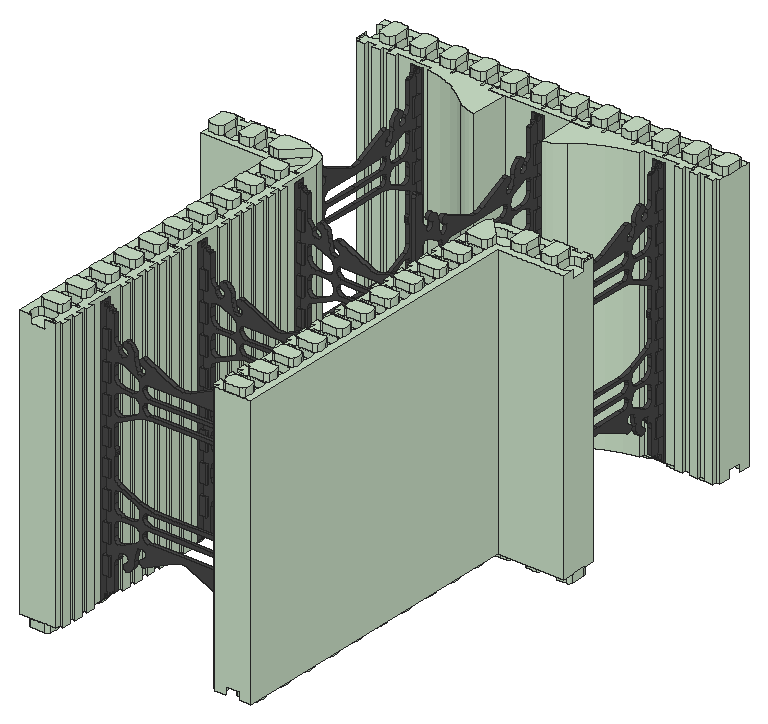
Revit family (continued)
Definition of nested family "10-inch Insert Web"
  Forms (mm)
    Extrusion 2, solid, material "High Density Polystyrene"
      sketch origin (0, 0, 0) x (0, 1, 0) y (0, 0, 1)
        loop
          arc (-51.389, 155.069) -> (-54.928, 155.178) -> (-58.453, 155.507) r 57.15
          arc (-58.453, 155.507) -> (-63.03, 151.982) -> (-66.04, 147.052) r 15.855
          line (-66.04, 147.052) -> (-66.04, 143.852)
          arc (-66.04, 143.852) -> (-62.36, 138.022) -> (-56.535, 134.334) r 15.684
          line (-56.535, 134.334) -> (0, 134.334)
        loop
          arc (78.437, 161.778) -> (73.104, 157.092) -> (71.12, 150.275) r 12.7
          line (71.12, 150.275) -> (71.12, 147.034)
          arc (71.12, 147.034) -> (74.84, 138.054) -> (83.82, 134.334) r 12.7
          line (83.82, 134.334) -> (98.425, 134.334)
          arc (98.425, 134.334) -> (109.65, 138.984) -> (114.3, 150.209) r 15.875
          line (114.3, 150.209) -> (114.3, 163.588)
          arc (114.3, 163.588) -> (109.887, 171.625) -> (100.738, 172.215) r 9.525
          line (100.738, 172.215) -> (78.437, 161.778)
        loop
          arc (114.3, 113.887) -> (109.65, 125.112) -> (98.425, 129.762) r 15.875
          line (98.425, 129.762) -> (83.82, 129.762)
          arc (83.82, 129.762) -> (74.84, 126.042) -> (71.12, 117.062) r 12.7
          line (71.12, 117.062) -> (71.12, 113.82)
          arc (71.12, 113.82) -> (73.104, 107.004) -> (78.437, 102.318) r 12.7
          line (78.437, 102.318) -> (100.738, 91.881)
          arc (100.738, 91.881) -> (109.887, 92.471) -> (114.3, 100.508) r 9.525
          line (114.3, 100.508) -> (114.3, 113.887)
        loop
          line (-78.437, 161.778) -> (-100.738, 172.215)
          arc (-100.738, 172.215) -> (-109.887, 171.625) -> (-114.3, 163.588) r 9.525
          line (-114.3, 163.588) -> (-114.3, 150.209)
          arc (-114.3, 150.209) -> (-109.65, 138.984) -> (-98.425, 134.334) r 15.875
          line (-98.425, 134.334) -> (-83.82, 134.334)
          arc (-83.82, 134.334) -> (-74.84, 138.054) -> (-71.12, 147.034) r 12.7
          line (-71.12, 147.034) -> (-71.12, 150.275)
          arc (-71.12, 150.275) -> (-73.104, 157.092) -> (-78.437, 161.778) r 12.7
        loop
          line (-114.3, 113.887) -> (-114.3, 100.508)
          arc (-114.3, 100.508) -> (-109.887, 92.471) -> (-100.738, 91.881) r 9.525
          line (-100.738, 91.881) -> (-78.437, 102.318)
          arc (-78.437, 102.318) -> (-73.104, 107.004) -> (-71.12, 113.82) r 12.7
          line (-71.12, 113.82) -> (-71.12, 117.062)
          arc (-71.12, 117.062) -> (-74.84, 126.042) -> (-83.82, 129.762) r 12.7
          line (-83.82, 129.762) -> (-98.425, 129.762)
          arc (-98.425, 129.762) -> (-109.65, 125.112) -> (-114.3, 113.887) r 15.875
      from 3.175 to -3.175
    Extrusion 3, solid, material "High Density Polystyrene"
      sketch origin (0, 0, 0) x (0, 1, 0) y (0, 0, 1)
        loop
          line (132.334, 410.919) -> (119.634, 410.919) -> (119.634, 380.439) -> (132.334, 380.439) -> (132.334, 410.919)
        loop
          line (132.334, 361.389) -> (119.634, 361.389) -> (119.634, 330.909) -> (132.334, 330.909) -> (132.334, 361.389)
        loop
          line (132.334, 311.859) -> (119.634, 311.859) -> (119.634, 281.379) -> (132.334, 281.379) -> (132.334, 311.859)
        loop
          line (132.334, 262.329) -> (119.634, 262.329) -> (119.634, 234.897) -> (132.334, 234.897) -> (132.334, 262.329)
        loop
          line (132.334, 215.847) -> (119.634, 215.847) -> (119.634, 188.415) -> (132.334, 188.415) -> (132.334, 215.847)
        loop
          line (132.334, 169.365) -> (119.634, 169.365) -> (119.634, 138.885) -> (132.334, 138.885) -> (132.334, 169.365)
        loop
          line (132.334, 119.835) -> (119.634, 119.835) -> (119.634, 89.355) -> (132.334, 89.355) -> (132.334, 119.835)
        loop
          line (132.334, 70.305) -> (119.634, 70.305) -> (119.634, 39.825) -> (132.334, 39.825) -> (132.334, 70.305)
        loop
          line (-132.334, 410.919) -> (-132.334, 380.439) -> (-119.634, 380.439) -> (-119.634, 410.919) -> (-132.334, 410.919)
        loop
          line (-132.334, 361.389) -> (-132.334, 330.909) -> (-119.634, 330.909) -> (-119.634, 361.389) -> (-132.334, 361.389)
        loop
          line (-132.334, 311.859) -> (-132.334, 281.379) -> (-119.634, 281.379) -> (-119.634, 311.859) -> (-132.334, 311.859)
        loop
          line (-132.334, 262.329) -> (-132.334, 234.897) -> (-119.634, 234.897) -> (-119.634, 262.329) -> (-132.334, 262.329)
        loop
          line (-132.334, 215.847) -> (-132.334, 188.415) -> (-119.634, 188.415) -> (-119.634, 215.847) -> (-132.334, 215.847)
        loop
          line (-132.334, 169.365) -> (-132.334, 138.885) -> (-119.634, 138.885) -> (-119.634, 169.365) -> (-132.334, 169.365)
        loop
          line (-132.334, 119.835) -> (-132.334, 89.355) -> (-119.634, 89.355) -> (-119.634, 119.835) -> (-132.334, 119.835)
        loop
          line (-132.334, 70.305) -> (-132.334, 39.825) -> (-119.634, 39.825) -> (-119.634, 70.305) -> (-132.334, 70.305)
      from 6.35 to -6.35
    Extrusion 4, void
      sketch origin (0, 50.8, 0) x (1, 0, 0) y (0, 1, 0)
        loop
          line (-6.35, 70.929) -> (-6.35, 68.834) -> (-4.255, 68.834)
          arc (-4.255, 68.834) -> (-5.736, 69.448) -> (-6.35, 70.929) r 2.095
      from 0 to 457.2
    Extrusion 5, void
      sketch origin (0, 50.8, 0) x (-1, 0, 0) y (0, -1, 0)
        loop
          arc (-6.35, -70.929) -> (-5.736, -69.448) -> (-4.255, -68.834) r 2.095
          line (-4.255, -68.834) -> (-6.35, -68.834) -> (-6.35, -70.929)
      from 0 to 457.2
    Extrusion 6, void
      sketch origin (0, -50.8, 0) x (1, 0, 0) y (0, 1, 0)
        loop
          arc (-6.35, -70.929) -> (-5.736, -69.448) -> (-4.255, -68.834) r 2.095
          line (-4.255, -68.834) -> (-6.35, -68.834) -> (-6.35, -70.929)
      from 0 to 457.2
    Extrusion 7, void
      sketch origin (0, -50.8, 0) x (-1, 0, 0) y (0, -1, 0)
        loop
          line (-6.35, 70.929) -> (-6.35, 68.834) -> (-4.255, 68.834)
          arc (-4.255, 68.834) -> (-5.736, 69.448) -> (-6.35, 70.929) r 2.095
      from 0 to 457.2
  Cuts and joins
    Extrusion 4, Extrusion 5, Extrusion 6, Extrusion 7 cuts Extrusion 1
    Extrusion 4, Extrusion 5, Extrusion 6, Extrusion 7 cuts Extrusion 3
Definition of nested family "10-inch Insert Web w One Fastening Strip"
  Reference planes
    plane 1 "Center (Front/Back)": y = 0
    plane 2: z = 0
    plane 3 "Center (Left/Right)": x = 0
  Forms (mm)
    Extrusion 1, solid, material "High Density Polystyrene"
      sketch origin (0, 0, 0) x (0, 1, 0) y (0, 0, 1)
        loop
          arc (-133.35, 0) -> (-132.617, 0.502) -> (-132.334, 1.344) r 1.397
          line (-132.334, 1.344) -> (-132.334, 449.4)
          arc (-132.334, 449.4) -> (-132.617, 450.243) -> (-133.35, 450.744) r 1.397
          line (-133.35, 450.744) -> (-133.35, 0)
      from 9.227 to -9.227
    Extrusion 2, solid, material "High Density Polystyrene"
      sketch origin (0, 0, 0) x (0, 1, 0) y (0, 0, 1)
        loop
          line (-130.186, 446.33) -> (-131.942, 447.306)
          arc (-131.942, 447.306) -> (-132.229, 447.585) -> (-132.334, 447.972) r 0.762
          line (-132.334, 447.972) -> (-132.334, 441.652)
          arc (-132.334, 441.652) -> (-132.175, 442.021) -> (-131.798, 442.16) r 0.508
          line (-131.798, 442.16) -> (-130.33, 442.078)
          arc (-130.33, 442.078) -> (-129.953, 442.216) -> (-129.794, 442.585) r 0.508
          line (-129.794, 442.585) -> (-129.794, 445.664)
          arc (-129.794, 445.664) -> (-129.899, 446.05) -> (-130.186, 446.33) r 0.762
        loop
          arc (-130.186, 4.414) -> (-129.899, 4.694) -> (-129.794, 5.08) r 0.762
          line (-129.794, 5.08) -> (-129.794, 8.159)
          arc (-129.794, 8.159) -> (-129.953, 8.528) -> (-130.33, 8.666) r 0.508
          line (-130.33, 8.666) -> (-131.798, 8.585)
          arc (-131.798, 8.585) -> (-132.175, 8.723) -> (-132.334, 9.092) r 0.508
          line (-132.334, 9.092) -> (-132.334, 2.772)
          arc (-132.334, 2.772) -> (-132.229, 3.159) -> (-131.942, 3.439) r 0.762
          line (-131.942, 3.439) -> (-130.186, 4.414)
        loop
          line (127, 437.076) -> (125.095, 442.918)
          arc (125.095, 442.918) -> (123.825, 443.68) -> (122.555, 442.918) r 1.439
          line (122.555, 442.918) -> (121.313, 439.108) -> (118.083, 439.108)
          arc (118.083, 439.108) -> (117.204, 438.744) -> (116.84, 437.865) r 1.243
          line (116.84, 437.865) -> (116.84, 437.076) -> (114.3, 437.076) -> (114.3, 400.201)
          arc (114.3, 400.201) -> (112.544, 393.421) -> (107.718, 388.345) r 13.97
          arc (107.718, 388.345) -> (106.485, 386.915) -> (106.281, 385.039) r 3.175
          arc (106.281, 385.039) -> (94.976, 376.743) -> (95.802, 390.741) r 7.747
          arc (95.802, 390.741) -> (98.914, 398.005) -> (91.65, 401.117) r 5.588
          arc (91.65, 401.117) -> (82.659, 393.619) -> (79.799, 382.266) r 18.923
          arc (79.799, 382.266) -> (78.691, 371.727) -> (75.421, 361.646) r 50.8
          arc (75.421, 361.646) -> (62.744, 361.552) -> (66.95, 373.51) r 7.747
          arc (66.95, 373.51) -> (70.834, 381.929) -> (61.911, 384.447) r 6.096
          line (61.911, 384.447) -> (12.7, 361.328)
          arc (12.7, 361.328) -> (6.523, 359.099) -> (0, 358.343) r 28.508
          arc (0, 358.343) -> (-6.523, 359.099) -> (-12.7, 361.328) r 28.508
          line (-12.7, 361.328) -> (-61.911, 384.447)
          arc (-61.911, 384.447) -> (-70.834, 381.929) -> (-66.95, 373.51) r 6.096
          arc (-66.95, 373.51) -> (-62.744, 361.552) -> (-75.421, 361.646) r 7.747
          arc (-75.421, 361.646) -> (-78.691, 371.727) -> (-79.799, 382.266) r 50.8
          arc (-79.799, 382.266) -> (-82.659, 393.619) -> (-91.65, 401.117) r 18.923
          arc (-91.65, 401.117) -> (-98.914, 398.005) -> (-95.802, 390.741) r 5.588
          arc (-95.802, 390.741) -> (-94.976, 376.743) -> (-106.281, 385.039) r 7.747
          arc (-106.281, 385.039) -> (-106.485, 386.915) -> (-107.718, 388.345) r 3.175
          arc (-107.718, 388.345) -> (-112.544, 393.421) -> (-114.3, 400.201) r 13.97
          line (-114.3, 400.201) -> (-114.3, 437.076) -> (-116.84, 437.076) -> (-116.84, 437.865)
          arc (-116.84, 437.865) -> (-117.204, 438.744) -> (-118.083, 439.108) r 1.243
          line (-118.083, 439.108) -> (-121.313, 439.108) -> (-122.555, 442.918)
          arc (-122.555, 442.918) -> (-123.825, 443.68) -> (-125.095, 442.918) r 1.439
          line (-125.095, 442.918) -> (-127, 437.076) -> (-127, 16.896) -> (-125.095, 11.054)
          arc (-125.095, 11.054) -> (-123.825, 10.292) -> (-122.555, 11.054) r 1.439
          line (-122.555, 11.054) -> (-121.313, 14.864) -> (-118.083, 14.864)
          arc (-118.083, 14.864) -> (-117.204, 15.228) -> (-116.84, 16.107) r 1.243
          line (-116.84, 16.107) -> (-116.84, 16.896) -> (-114.3, 16.896) -> (-114.3, 56.999)
          arc (-114.3, 56.999) -> (-112.544, 63.779) -> (-107.718, 68.855) r 13.97
          arc (-107.718, 68.855) -> (-106.485, 70.285) -> (-106.281, 72.161) r 3.175
          arc (-106.281, 72.161) -> (-94.976, 80.457) -> (-95.802, 66.459) r 7.747
          arc (-95.802, 66.459) -> (-98.914, 59.195) -> (-91.65, 56.083) r 5.588
          arc (-91.65, 56.083) -> (-82.659, 63.581) -> (-79.799, 74.934) r 18.923
          arc (-79.799, 74.934) -> (-78.691, 85.473) -> (-75.421, 95.554) r 50.8
          arc (-75.421, 95.554) -> (-62.744, 95.648) -> (-66.95, 83.69) r 7.747
          arc (-66.95, 83.69) -> (-70.834, 75.271) -> (-61.911, 72.753) r 6.096
          line (-61.911, 72.753) -> (-12.7, 95.872)
          arc (-12.7, 95.872) -> (-6.523, 98.101) -> (0, 98.857) r 28.508
          arc (0, 98.857) -> (6.523, 98.101) -> (12.7, 95.872) r 28.508
          line (12.7, 95.872) -> (61.911, 72.753)
          arc (61.911, 72.753) -> (70.834, 75.271) -> (66.95, 83.69) r 6.096
          arc (66.95, 83.69) -> (62.744, 95.648) -> (75.421, 95.554) r 7.747
          arc (75.421, 95.554) -> (78.691, 85.473) -> (79.799, 74.934) r 50.8
          arc (79.799, 74.934) -> (82.659, 63.581) -> (91.65, 56.083) r 18.923
          arc (91.65, 56.083) -> (98.914, 59.195) -> (95.802, 66.459) r 5.588
          arc (95.802, 66.459) -> (94.976, 80.457) -> (106.281, 72.161) r 7.747
          arc (106.281, 72.161) -> (106.485, 70.285) -> (107.718, 68.855) r 3.175
          arc (107.718, 68.855) -> (112.544, 63.779) -> (114.3, 56.999) r 13.97
          line (114.3, 56.999) -> (114.3, 16.896) -> (116.84, 16.896) -> (116.84, 16.107)
          arc (116.84, 16.107) -> (117.204, 15.228) -> (118.083, 14.864) r 1.243
          line (118.083, 14.864) -> (121.313, 14.864) -> (122.555, 11.054)
          arc (122.555, 11.054) -> (123.825, 10.292) -> (125.095, 11.054) r 1.439
          line (125.095, 11.054) -> (127, 16.896) -> (127, 437.076)
        loop
          line (0, 348.183) -> (-51.41, 348.183)
          arc (-51.41, 348.183) -> (-54.937, 348.292) -> (-58.451, 348.618) r 57.15
          arc (-58.451, 348.618) -> (-63.029, 345.093) -> (-66.04, 340.162) r 15.855
          line (-66.04, 340.162) -> (-66.04, 336.963)
          arc (-66.04, 336.963) -> (-62.352, 331.126) -> (-56.515, 327.438) r 15.684
          line (-56.515, 327.438) -> (0, 327.438) -> (56.515, 327.438)
          arc (56.515, 327.438) -> (62.352, 331.126) -> (66.04, 336.963) r 15.684
          line (66.04, 336.963) -> (66.04, 340.162)
          arc (66.04, 340.162) -> (63.029, 345.093) -> (58.451, 348.618) r 15.855
          arc (58.451, 348.618) -> (54.937, 348.292) -> (51.41, 348.183) r 57.15
          line (51.41, 348.183) -> (0, 348.183)
        loop
          line (0, 322.866) -> (-56.535, 322.866)
          arc (-56.535, 322.866) -> (-62.36, 319.178) -> (-66.04, 313.348) r 15.684
          line (-66.04, 313.348) -> (-66.04, 310.148)
          arc (-66.04, 310.148) -> (-63.03, 305.218) -> (-58.453, 301.693) r 15.855
          arc (-58.453, 301.693) -> (-54.928, 302.022) -> (-51.389, 302.131) r 57.15
          line (-51.389, 302.131) -> (0, 302.131) -> (51.389, 302.131)
          arc (51.389, 302.131) -> (54.928, 302.022) -> (58.453, 301.693) r 57.15
          arc (58.453, 301.693) -> (63.03, 305.218) -> (66.04, 310.148) r 15.855
          line (66.04, 310.148) -> (66.04, 313.348)
          arc (66.04, 313.348) -> (62.36, 319.178) -> (56.535, 322.866) r 15.684
          line (56.535, 322.866) -> (0, 322.866)
        loop
          line (78.437, 295.422) -> (100.738, 284.985)
          arc (100.738, 284.985) -> (109.887, 285.575) -> (114.3, 293.612) r 9.525
          line (114.3, 293.612) -> (114.3, 306.991)
          arc (114.3, 306.991) -> (109.65, 318.216) -> (98.425, 322.866) r 15.875
          line (98.425, 322.866) -> (83.82, 322.866)
          arc (83.82, 322.866) -> (74.84, 319.146) -> (71.12, 310.166) r 12.7
          line (71.12, 310.166) -> (71.12, 306.925)
          arc (71.12, 306.925) -> (73.104, 300.108) -> (78.437, 295.422) r 12.7
        loop
          line (114.3, 343.313) -> (114.3, 356.692)
          arc (114.3, 356.692) -> (109.887, 364.729) -> (100.738, 365.319) r 9.525
          line (100.738, 365.319) -> (78.437, 354.882)
          arc (78.437, 354.882) -> (73.104, 350.196) -> (71.12, 343.38) r 12.7
          line (71.12, 343.38) -> (71.12, 340.138)
          arc (71.12, 340.138) -> (74.84, 331.158) -> (83.82, 327.438) r 12.7
          line (83.82, 327.438) -> (98.425, 327.438)
          arc (98.425, 327.438) -> (109.65, 332.088) -> (114.3, 343.313) r 15.875
        loop
          line (106.983, 277.014) -> (75.025, 291.971)
          arc (75.025, 291.971) -> (63.208, 295.996) -> (50.8, 297.359) r 57.15
          line (50.8, 297.359) -> (0, 297.359) -> (-50.8, 297.359)
          arc (-50.8, 297.359) -> (-63.208, 295.996) -> (-75.025, 291.971) r 57.15
          line (-75.025, 291.971) -> (-106.983, 277.014)
          arc (-106.983, 277.014) -> (-112.316, 272.328) -> (-114.3, 265.512) r 12.7
          line (-114.3, 265.512) -> (-114.3, 236.534) -> (-111.252, 231.454) -> (-111.252, 228.6) -> (-111.252, 225.746) -> (-114.3, 220.666) -> (-114.3, 191.688)
          arc (-114.3, 191.688) -> (-112.316, 184.872) -> (-106.983, 180.186) r 12.7
          line (-106.983, 180.186) -> (-75.025, 165.229)
          arc (-75.025, 165.229) -> (-63.208, 161.204) -> (-50.8, 159.841) r 57.15
          line (-50.8, 159.841) -> (0, 159.841) -> (50.8, 159.841)
          arc (50.8, 159.841) -> (63.208, 161.204) -> (75.025, 165.229) r 57.15
          line (75.025, 165.229) -> (106.983, 180.186)
          arc (106.983, 180.186) -> (112.316, 184.872) -> (114.3, 191.688) r 12.7
          line (114.3, 191.688) -> (114.3, 220.666) -> (111.252, 225.746) -> (111.252, 228.6) -> (111.252, 231.454) -> (114.3, 236.534) -> (114.3, 265.512)
          arc (114.3, 265.512) -> (112.316, 272.328) -> (106.983, 277.014) r 12.7
        loop
          arc (-78.437, 295.422) -> (-73.104, 300.108) -> (-71.12, 306.925) r 12.7
          line (-71.12, 306.925) -> (-71.12, 310.166)
          arc (-71.12, 310.166) -> (-74.84, 319.146) -> (-83.82, 322.866) r 12.7
          line (-83.82, 322.866) -> (-98.425, 322.866)
          arc (-98.425, 322.866) -> (-109.65, 318.216) -> (-114.3, 306.991) r 15.875
          line (-114.3, 306.991) -> (-114.3, 293.612)
          arc (-114.3, 293.612) -> (-109.887, 285.575) -> (-100.738, 284.985) r 9.525
          line (-100.738, 284.985) -> (-78.437, 295.422)
        loop
          arc (-114.3, 343.313) -> (-109.65, 332.088) -> (-98.425, 327.438) r 15.875
          line (-98.425, 327.438) -> (-83.82, 327.438)
          arc (-83.82, 327.438) -> (-74.84, 331.158) -> (-71.12, 340.138) r 12.7
          line (-71.12, 340.138) -> (-71.12, 343.38)
          arc (-71.12, 343.38) -> (-73.104, 350.196) -> (-78.437, 354.882) r 12.7
          line (-78.437, 354.882) -> (-100.738, 365.319)
          arc (-100.738, 365.319) -> (-109.887, 364.729) -> (-114.3, 356.692) r 9.525
          line (-114.3, 356.692) -> (-114.3, 343.313)
        loop
          line (0, 109.017) -> (51.41, 109.017)
          arc (51.41, 109.017) -> (54.937, 108.908) -> (58.451, 108.582) r 57.15
          arc (58.451, 108.582) -> (63.029, 112.107) -> (66.04, 117.038) r 15.855
          line (66.04, 117.038) -> (66.04, 120.237)
          arc (66.04, 120.237) -> (62.352, 126.074) -> (56.515, 129.762) r 15.684
          line (56.515, 129.762) -> (0, 129.762) -> (-56.515, 129.762)
          arc (-56.515, 129.762) -> (-62.352, 126.074) -> (-66.04, 120.237) r 15.684
          line (-66.04, 120.237) -> (-66.04, 117.038)
          arc (-66.04, 117.038) -> (-63.029, 112.107) -> (-58.451, 108.582) r 15.855
          arc (-58.451, 108.582) -> (-54.937, 108.908) -> (-51.41, 109.017) r 57.15
          line (-51.41, 109.017) -> (0, 109.017)
        loop
          line (0, 134.334) -> (56.535, 134.334)
          arc (56.535, 134.334) -> (62.36, 138.022) -> (66.04, 143.852) r 15.684
          line (66.04, 143.852) -> (66.04, 147.052)
          arc (66.04, 147.052) -> (63.03, 151.982) -> (58.453, 155.507) r 15.855
          arc (58.453, 155.507) -> (54.928, 155.178) -> (51.389, 155.069) r 57.15
          line (51.389, 155.069) -> (0, 155.069) -> (-51.389, 155.069)
          arc (-51.389, 155.069) -> (-54.928, 155.178) -> (-58.453, 155.507) r 57.15
          arc (-58.453, 155.507) -> (-63.03, 151.982) -> (-66.04, 147.052) r 15.855
          line (-66.04, 147.052) -> (-66.04, 143.852)
          arc (-66.04, 143.852) -> (-62.36, 138.022) -> (-56.535, 134.334) r 15.684
          line (-56.535, 134.334) -> (0, 134.334)
        loop
          arc (78.437, 161.778) -> (73.104, 157.092) -> (71.12, 150.275) r 12.7
          line (71.12, 150.275) -> (71.12, 147.034)
          arc (71.12, 147.034) -> (74.84, 138.054) -> (83.82, 134.334) r 12.7
          line (83.82, 134.334) -> (98.425, 134.334)
          arc (98.425, 134.334) -> (109.65, 138.984) -> (114.3, 150.209) r 15.875
          line (114.3, 150.209) -> (114.3, 163.588)
          arc (114.3, 163.588) -> (109.887, 171.625) -> (100.738, 172.215) r 9.525
          line (100.738, 172.215) -> (78.437, 161.778)
        loop
          arc (114.3, 113.887) -> (109.65, 125.112) -> (98.425, 129.762) r 15.875
          line (98.425, 129.762) -> (83.82, 129.762)
          arc (83.82, 129.762) -> (74.84, 126.042) -> (71.12, 117.062) r 12.7
          line (71.12, 117.062) -> (71.12, 113.82)
          arc (71.12, 113.82) -> (73.104, 107.004) -> (78.437, 102.318) r 12.7
          line (78.437, 102.318) -> (100.738, 91.881)
          arc (100.738, 91.881) -> (109.887, 92.471) -> (114.3, 100.508) r 9.525
          line (114.3, 100.508) -> (114.3, 113.887)
        loop
          line (-78.437, 161.778) -> (-100.738, 172.215)
          arc (-100.738, 172.215) -> (-109.887, 171.625) -> (-114.3, 163.588) r 9.525
          line (-114.3, 163.588) -> (-114.3, 150.209)
          arc (-114.3, 150.209) -> (-109.65, 138.984) -> (-98.425, 134.334) r 15.875
          line (-98.425, 134.334) -> (-83.82, 134.334)
          arc (-83.82, 134.334) -> (-74.84, 138.054) -> (-71.12, 147.034) r 12.7
          line (-71.12, 147.034) -> (-71.12, 150.275)
          arc (-71.12, 150.275) -> (-73.104, 157.092) -> (-78.437, 161.778) r 12.7
        loop
          line (-114.3, 113.887) -> (-114.3, 100.508)
          arc (-114.3, 100.508) -> (-109.887, 92.471) -> (-100.738, 91.881) r 9.525
          line (-100.738, 91.881) -> (-78.437, 102.318)
          arc (-78.437, 102.318) -> (-73.104, 107.004) -> (-71.12, 113.82) r 12.7
          line (-71.12, 113.82) -> (-71.12, 117.062)
          arc (-71.12, 117.062) -> (-74.84, 126.042) -> (-83.82, 129.762) r 12.7
          line (-83.82, 129.762) -> (-98.425, 129.762)
          arc (-98.425, 129.762) -> (-109.65, 125.112) -> (-114.3, 113.887) r 15.875
      from 3.175 to -3.175
    Extrusion 3, solid, material "High Density Polystyrene"
      sketch origin (0, 0, 0) x (0, 1, 0) y (0, 0, 1)
        loop
          line (-132.334, 410.919) -> (-132.334, 380.439) -> (-119.634, 380.439) -> (-119.634, 410.919) -> (-132.334, 410.919)
        loop
          line (-132.334, 361.389) -> (-132.334, 330.909) -> (-119.634, 330.909) -> (-119.634, 361.389) -> (-132.334, 361.389)
        loop
          line (-132.334, 311.859) -> (-132.334, 281.379) -> (-119.634, 281.379) -> (-119.634, 311.859) -> (-132.334, 311.859)
        loop
          line (-132.334, 262.329) -> (-132.334, 234.897) -> (-119.634, 234.897) -> (-119.634, 262.329) -> (-132.334, 262.329)
        loop
          line (-132.334, 215.847) -> (-132.334, 188.415) -> (-119.634, 188.415) -> (-119.634, 215.847) -> (-132.334, 215.847)
        loop
          line (-132.334, 169.365) -> (-132.334, 138.885) -> (-119.634, 138.885) -> (-119.634, 169.365) -> (-132.334, 169.365)
        loop
          line (-132.334, 119.835) -> (-132.334, 89.355) -> (-119.634, 89.355) -> (-119.634, 119.835) -> (-132.334, 119.835)
        loop
          line (-132.334, 70.305) -> (-132.334, 39.825) -> (-119.634, 39.825) -> (-119.634, 70.305) -> (-132.334, 70.305)
      from 6.35 to -6.35
    Extrusion 4, void
      sketch origin (0, -50.8, 0) x (1, 0, 0) y (0, 1, 0)
        loop
          arc (-6.35, -70.929) -> (-5.736, -69.448) -> (-4.255, -68.834) r 2.095
          line (-4.255, -68.834) -> (-6.35, -68.834) -> (-6.35, -70.929)
      from 0 to 457.2
    Extrusion 5, void
      sketch origin (0, -50.8, 0) x (-1, 0, 0) y (0, -1, 0)
        loop
          line (-6.35, 70.929) -> (-6.35, 68.834) -> (-4.255, 68.834)
          arc (-4.255, 68.834) -> (-5.736, 69.448) -> (-6.35, 70.929) r 2.095
      from 0 to 457.2
  Cuts and joins
    Extrusion 4, Extrusion 5 cuts Extrusion 1
    Extrusion 4, Extrusion 5 cuts Extrusion 3
Definition of nested family "NUDURA Diamond Pattern"
  Reference planes
    plane 1 "Center (Front/Back)": y = 0
    plane 2: z = 0
    plane 3 "Center (Left/Right)": x = 0
    plane 4: z = 457.2
  Lines and regions (mm)
    model lines
      curve 1: line (203.2, -142.875, 457.2) -> (203.2, -142.875, 0)
      curve 2: line (152.4, -142.875, 457.2) -> (152.4, -142.875, 0)
      curve 3: line (50.8, -142.875, 457.2) -> (50.8, -142.875, 0)
      curve 4: line (85.183, -142.875, 431.415) -> (93.906, -142.875, 422.692)
      curve 5: arc (85.183, -142.875, 444.885) -> (82.394, -142.875, 438.15) -> (85.183, -142.875, 431.415) r 9.525
      curve 6: line (94.708, -142.875, 454.41) -> (85.183, -142.875, 444.885)
      curve 7: arc (108.179, -142.875, 454.41) -> (101.444, -142.875, 457.2) -> (94.708, -142.875, 454.41) r 9.525
      curve 8: line (117.704, -142.875, 444.885) -> (108.179, -142.875, 454.41)
      curve 9: arc (117.704, -142.875, 431.415) -> (120.494, -142.875, 438.15) -> (117.704, -142.875, 444.885) r 9.525
      curve 10: line (108.981, -142.875, 422.692) -> (117.704, -142.875, 431.415)
      curve 11: arc (105.934, -142.875, 452.165) -> (101.444, -142.875, 454.025) -> (96.953, -142.875, 452.165) r 6.35
      curve 12: line (115.459, -142.875, 442.64) -> (105.934, -142.875, 452.165)
      curve 13: arc (115.459, -142.875, 433.66) -> (117.319, -142.875, 438.15) -> (115.459, -142.875, 442.64) r 6.35
      curve 14: line (105.934, -142.875, 424.135) -> (115.459, -142.875, 433.66)
      curve 15: arc (96.953, -142.875, 424.135) -> (101.444, -142.875, 422.275) -> (105.934, -142.875, 424.135) r 6.35
      curve 16: line (87.428, -142.875, 433.66) -> (96.953, -142.875, 424.135)
      curve 17: arc (87.428, -142.875, 442.64) -> (85.569, -142.875, 438.15) -> (87.428, -142.875, 433.66) r 6.35
      curve 18: line (96.953, -142.875, 452.165) -> (87.428, -142.875, 442.64)
      curve 19: arc (93.906, -142.875, 415.508) -> (95.394, -142.875, 419.1) -> (93.906, -142.875, 422.692) r 5.08
      curve 20: line (117.704, -142.875, 406.785) -> (108.981, -142.875, 415.508)
      curve 21: arc (117.704, -142.875, 393.315) -> (120.494, -142.875, 400.05) -> (117.704, -142.875, 406.785) r 9.525
      curve 22: line (108.981, -142.875, 384.592) -> (117.704, -142.875, 393.315)
      curve 23: line (85.183, -142.875, 393.315) -> (93.906, -142.875, 384.592)
      curve 24: arc (85.183, -142.875, 406.785) -> (82.394, -142.875, 400.05) -> (85.183, -142.875, 393.315) r 9.525
      curve 25: line (93.906, -142.875, 415.508) -> (85.183, -142.875, 406.785)
      curve 26: arc (105.934, -142.875, 414.065) -> (101.444, -142.875, 415.925) -> (96.953, -142.875, 414.065) r 6.35
      curve 27: line (96.953, -142.875, 414.065) -> (87.428, -142.875, 404.54)
      curve 28: arc (87.428, -142.875, 404.54) -> (85.569, -142.875, 400.05) -> (87.428, -142.875, 395.56) r 6.35
      curve 29: line (87.428, -142.875, 395.56) -> (96.953, -142.875, 386.035)
      curve 30: arc (96.953, -142.875, 386.035) -> (101.444, -142.875, 384.175) -> (105.934, -142.875, 386.035) r 6.35
      curve 31: line (105.934, -142.875, 386.035) -> (115.459, -142.875, 395.56)
      curve 32: arc (115.459, -142.875, 395.56) -> (117.319, -142.875, 400.05) -> (115.459, -142.875, 404.54) r 6.35
      curve 33: line (115.459, -142.875, 404.54) -> (105.934, -142.875, 414.065)
      curve 34: arc (93.906, -142.875, 377.408) -> (95.394, -142.875, 381) -> (93.906, -142.875, 384.592) r 5.08
      curve 35: line (117.704, -142.875, 368.685) -> (108.981, -142.875, 377.408)
      curve 36: arc (117.704, -142.875, 355.215) -> (120.494, -142.875, 361.95) -> (117.704, -142.875, 368.685) r 9.525
      curve 37: line (108.981, -142.875, 346.492) -> (117.704, -142.875, 355.215)
      curve 38: line (85.183, -142.875, 355.215) -> (93.906, -142.875, 346.492)
      curve 39: arc (85.183, -142.875, 368.685) -> (82.394, -142.875, 361.95) -> (85.183, -142.875, 355.215) r 9.525
      curve 40: line (93.906, -142.875, 377.408) -> (85.183, -142.875, 368.685)
      curve 41: arc (105.934, -142.875, 375.965) -> (101.444, -142.875, 377.825) -> (96.953, -142.875, 375.965) r 6.35
      curve 42: line (96.953, -142.875, 375.965) -> (87.428, -142.875, 366.44)
      curve 43: arc (87.428, -142.875, 366.44) -> (85.569, -142.875, 361.95) -> (87.428, -142.875, 357.46) r 6.35
      curve 44: line (87.428, -142.875, 357.46) -> (96.953, -142.875, 347.935)
      curve 45: arc (96.953, -142.875, 347.935) -> (101.444, -142.875, 346.075) -> (105.934, -142.875, 347.935) r 6.35
      curve 46: line (105.934, -142.875, 347.935) -> (115.459, -142.875, 357.46)
      curve 47: arc (115.459, -142.875, 357.46) -> (117.319, -142.875, 361.95) -> (115.459, -142.875, 366.44) r 6.35
      curve 48: line (115.459, -142.875, 366.44) -> (105.934, -142.875, 375.965)
      curve 49: arc (93.906, -142.875, 339.308) -> (95.394, -142.875, 342.9) -> (93.906, -142.875, 346.492) r 5.08
      curve 50: line (117.704, -142.875, 330.585) -> (108.981, -142.875, 339.308)
      curve 51: arc (117.704, -142.875, 317.115) -> (120.494, -142.875, 323.85) -> (117.704, -142.875, 330.585) r 9.525
      curve 52: line (108.981, -142.875, 308.392) -> (117.704, -142.875, 317.115)
      curve 53: line (85.183, -142.875, 317.115) -> (93.906, -142.875, 308.392)
      curve 54: arc (85.183, -142.875, 330.585) -> (82.394, -142.875, 323.85) -> (85.183, -142.875, 317.115) r 9.525
      curve 55: line (93.906, -142.875, 339.308) -> (85.183, -142.875, 330.585)
      curve 56: arc (105.934, -142.875, 337.865) -> (101.444, -142.875, 339.725) -> (96.953, -142.875, 337.865) r 6.35
      curve 57: line (96.953, -142.875, 337.865) -> (87.428, -142.875, 328.34)
      curve 58: arc (87.428, -142.875, 328.34) -> (85.569, -142.875, 323.85) -> (87.428, -142.875, 319.36) r 6.35
      curve 59: line (87.428, -142.875, 319.36) -> (96.953, -142.875, 309.835)
      curve 60: arc (96.953, -142.875, 309.835) -> (101.444, -142.875, 307.975) -> (105.934, -142.875, 309.835) r 6.35
      curve 61: line (105.934, -142.875, 309.835) -> (115.459, -142.875, 319.36)
      curve 62: arc (115.459, -142.875, 319.36) -> (117.319, -142.875, 323.85) -> (115.459, -142.875, 328.34) r 6.35
      curve 63: line (115.459, -142.875, 328.34) -> (105.934, -142.875, 337.865)
      curve 64: arc (93.906, -142.875, 301.208) -> (95.394, -142.875, 304.8) -> (93.906, -142.875, 308.392) r 5.08
      curve 65: line (117.704, -142.875, 292.485) -> (108.981, -142.875, 301.208)
      curve 66: arc (117.704, -142.875, 279.015) -> (120.494, -142.875, 285.75) -> (117.704, -142.875, 292.485) r 9.525
      curve 67: line (108.981, -142.875, 270.292) -> (117.704, -142.875, 279.015)
      curve 68: line (85.183, -142.875, 279.015) -> (93.906, -142.875, 270.292)
      curve 69: arc (85.183, -142.875, 292.485) -> (82.394, -142.875, 285.75) -> (85.183, -142.875, 279.015) r 9.525
      curve 70: line (93.906, -142.875, 301.208) -> (85.183, -142.875, 292.485)
      curve 71: arc (105.934, -142.875, 299.765) -> (101.444, -142.875, 301.625) -> (96.953, -142.875, 299.765) r 6.35
      curve 72: line (96.953, -142.875, 299.765) -> (87.428, -142.875, 290.24)
      curve 73: arc (87.428, -142.875, 290.24) -> (85.569, -142.875, 285.75) -> (87.428, -142.875, 281.26) r 6.35
      curve 74: line (87.428, -142.875, 281.26) -> (96.953, -142.875, 271.735)
      curve 75: arc (96.953, -142.875, 271.735) -> (101.444, -142.875, 269.875) -> (105.934, -142.875, 271.735) r 6.35
      curve 76: line (105.934, -142.875, 271.735) -> (115.459, -142.875, 281.26)
      curve 77: arc (115.459, -142.875, 281.26) -> (117.319, -142.875, 285.75) -> (115.459, -142.875, 290.24) r 6.35
      curve 78: line (115.459, -142.875, 290.24) -> (105.934, -142.875, 299.765)
      curve 79: arc (93.906, -142.875, 263.108) -> (95.394, -142.875, 266.7) -> (93.906, -142.875, 270.292) r 5.08
      curve 80: line (117.704, -142.875, 254.385) -> (108.981, -142.875, 263.108)
      curve 81: arc (117.704, -142.875, 240.915) -> (120.494, -142.875, 247.65) -> (117.704, -142.875, 254.385) r 9.525
      curve 82: line (108.981, -142.875, 232.192) -> (117.704, -142.875, 240.915)
      curve 83: line (85.183, -142.875, 240.915) -> (93.906, -142.875, 232.192)
      curve 84: arc (85.183, -142.875, 254.385) -> (82.394, -142.875, 247.65) -> (85.183, -142.875, 240.915) r 9.525
      curve 85: line (93.906, -142.875, 263.108) -> (85.183, -142.875, 254.385)
      curve 86: arc (105.934, -142.875, 261.665) -> (101.444, -142.875, 263.525) -> (96.953, -142.875, 261.665) r 6.35
      curve 87: line (96.953, -142.875, 261.665) -> (87.428, -142.875, 252.14)
      curve 88: arc (87.428, -142.875, 252.14) -> (85.569, -142.875, 247.65) -> (87.428, -142.875, 243.16) r 6.35
      curve 89: line (87.428, -142.875, 243.16) -> (96.953, -142.875, 233.635)
      curve 90: arc (96.953, -142.875, 233.635) -> (101.444, -142.875, 231.775) -> (105.934, -142.875, 233.635) r 6.35
      curve 91: line (105.934, -142.875, 233.635) -> (115.459, -142.875, 243.16)
      curve 92: arc (115.459, -142.875, 243.16) -> (117.319, -142.875, 247.65) -> (115.459, -142.875, 252.14) r 6.35
      curve 93: line (115.459, -142.875, 252.14) -> (105.934, -142.875, 261.665)
      curve 94: arc (93.906, -142.875, 225.008) -> (95.394, -142.875, 228.6) -> (93.906, -142.875, 232.192) r 5.08
      curve 95: line (117.704, -142.875, 216.285) -> (108.981, -142.875, 225.008)
      curve 96: arc (117.704, -142.875, 202.815) -> (120.494, -142.875, 209.55) -> (117.704, -142.875, 216.285) r 9.525
      curve 97: line (108.981, -142.875, 194.092) -> (117.704, -142.875, 202.815)
      curve 98: line (85.183, -142.875, 202.815) -> (93.906, -142.875, 194.092)
      curve 99: arc (85.183, -142.875, 216.285) -> (82.394, -142.875, 209.55) -> (85.183, -142.875, 202.815) r 9.525
      curve 100: line (93.906, -142.875, 225.008) -> (85.183, -142.875, 216.285)
      curve 101: arc (105.934, -142.875, 223.565) -> (101.444, -142.875, 225.425) -> (96.953, -142.875, 223.565) r 6.35
      curve 102: line (96.953, -142.875, 223.565) -> (87.428, -142.875, 214.04)
      curve 103: arc (87.428, -142.875, 214.04) -> (85.569, -142.875, 209.55) -> (87.428, -142.875, 205.06) r 6.35
      curve 104: line (87.428, -142.875, 205.06) -> (96.953, -142.875, 195.535)
      curve 105: arc (96.953, -142.875, 195.535) -> (101.444, -142.875, 193.675) -> (105.934, -142.875, 195.535) r 6.35
      curve 106: line (105.934, -142.875, 195.535) -> (115.459, -142.875, 205.06)
      curve 107: arc (115.459, -142.875, 205.06) -> (117.319, -142.875, 209.55) -> (115.459, -142.875, 214.04) r 6.35
      curve 108: line (115.459, -142.875, 214.04) -> (105.934, -142.875, 223.565)
      curve 109: arc (93.906, -142.875, 186.908) -> (95.394, -142.875, 190.5) -> (93.906, -142.875, 194.092) r 5.08
      curve 110: line (117.704, -142.875, 178.185) -> (108.981, -142.875, 186.908)
      curve 111: arc (117.704, -142.875, 164.715) -> (120.494, -142.875, 171.45) -> (117.704, -142.875, 178.185) r 9.525
      curve 112: line (108.981, -142.875, 155.992) -> (117.704, -142.875, 164.715)
      curve 113: line (85.183, -142.875, 164.715) -> (93.906, -142.875, 155.992)
      curve 114: arc (85.183, -142.875, 178.185) -> (82.394, -142.875, 171.45) -> (85.183, -142.875, 164.715) r 9.525
      curve 115: line (93.906, -142.875, 186.908) -> (85.183, -142.875, 178.185)
      curve 116: arc (105.934, -142.875, 185.465) -> (101.444, -142.875, 187.325) -> (96.953, -142.875, 185.465) r 6.35
      curve 117: line (96.953, -142.875, 185.465) -> (87.428, -142.875, 175.94)
      curve 118: arc (87.428, -142.875, 175.94) -> (85.569, -142.875, 171.45) -> (87.428, -142.875, 166.96) r 6.35
      curve 119: line (87.428, -142.875, 166.96) -> (96.953, -142.875, 157.435)
      curve 120: arc (96.953, -142.875, 157.435) -> (101.444, -142.875, 155.575) -> (105.934, -142.875, 157.435) r 6.35
      curve 121: line (105.934, -142.875, 157.435) -> (115.459, -142.875, 166.96)
      curve 122: arc (115.459, -142.875, 166.96) -> (117.319, -142.875, 171.45) -> (115.459, -142.875, 175.94) r 6.35
      curve 123: line (115.459, -142.875, 175.94) -> (105.934, -142.875, 185.465)
      curve 124: arc (93.906, -142.875, 148.808) -> (95.394, -142.875, 152.4) -> (93.906, -142.875, 155.992) r 5.08
      curve 125: line (117.704, -142.875, 140.085) -> (108.981, -142.875, 148.808)
      curve 126: arc (117.704, -142.875, 126.615) -> (120.494, -142.875, 133.35) -> (117.704, -142.875, 140.085) r 9.525
      curve 127: line (108.981, -142.875, 117.892) -> (117.704, -142.875, 126.615)
      curve 128: line (85.183, -142.875, 126.615) -> (93.906, -142.875, 117.892)
      curve 129: arc (85.183, -142.875, 140.085) -> (82.394, -142.875, 133.35) -> (85.183, -142.875, 126.615) r 9.525
      curve 130: line (93.906, -142.875, 148.808) -> (85.183, -142.875, 140.085)
      curve 131: arc (105.934, -142.875, 147.365) -> (101.444, -142.875, 149.225) -> (96.953, -142.875, 147.365) r 6.35
      curve 132: line (96.953, -142.875, 147.365) -> (87.428, -142.875, 137.84)
      curve 133: arc (87.428, -142.875, 137.84) -> (85.569, -142.875, 133.35) -> (87.428, -142.875, 128.86) r 6.35
      curve 134: line (87.428, -142.875, 128.86) -> (96.953, -142.875, 119.335)
      curve 135: arc (96.953, -142.875, 119.335) -> (101.444, -142.875, 117.475) -> (105.934, -142.875, 119.335) r 6.35
      curve 136: line (105.934, -142.875, 119.335) -> (115.459, -142.875, 128.86)
      curve 137: arc (115.459, -142.875, 128.86) -> (117.319, -142.875, 133.35) -> (115.459, -142.875, 137.84) r 6.35
      curve 138: line (115.459, -142.875, 137.84) -> (105.934, -142.875, 147.365)
      curve 139: arc (93.906, -142.875, 110.708) -> (95.394, -142.875, 114.3) -> (93.906, -142.875, 117.892) r 5.08
      curve 140: line (117.704, -142.875, 101.985) -> (108.981, -142.875, 110.708)
      curve 141: arc (117.704, -142.875, 88.515) -> (120.494, -142.875, 95.25) -> (117.704, -142.875, 101.985) r 9.525
      curve 142: line (108.981, -142.875, 79.792) -> (117.704, -142.875, 88.515)
      curve 143: line (85.183, -142.875, 88.515) -> (93.906, -142.875, 79.792)
      curve 144: arc (85.183, -142.875, 101.985) -> (82.394, -142.875, 95.25) -> (85.183, -142.875, 88.515) r 9.525
      curve 145: line (93.906, -142.875, 110.708) -> (85.183, -142.875, 101.985)
      curve 146: arc (105.934, -142.875, 109.265) -> (101.444, -142.875, 111.125) -> (96.953, -142.875, 109.265) r 6.35
      curve 147: line (96.953, -142.875, 109.265) -> (87.428, -142.875, 99.74)
      curve 148: arc (87.428, -142.875, 99.74) -> (85.569, -142.875, 95.25) -> (87.428, -142.875, 90.76) r 6.35
      curve 149: line (87.428, -142.875, 90.76) -> (96.953, -142.875, 81.235)
      curve 150: arc (96.953, -142.875, 81.235) -> (101.444, -142.875, 79.375) -> (105.934, -142.875, 81.235) r 6.35
      curve 151: line (105.934, -142.875, 81.235) -> (115.459, -142.875, 90.76)
      curve 152: arc (115.459, -142.875, 90.76) -> (117.319, -142.875, 95.25) -> (115.459, -142.875, 99.74) r 6.35
      curve 153: line (115.459, -142.875, 99.74) -> (105.934, -142.875, 109.265)
      curve 154: arc (93.906, -142.875, 72.608) -> (95.394, -142.875, 76.2) -> (93.906, -142.875, 79.792) r 5.08
      curve 155: line (117.704, -142.875, 63.885) -> (108.981, -142.875, 72.608)
      curve 156: arc (117.704, -142.875, 50.415) -> (120.494, -142.875, 57.15) -> (117.704, -142.875, 63.885) r 9.525
      curve 157: line (108.981, -142.875, 41.692) -> (117.704, -142.875, 50.415)
      curve 158: line (85.183, -142.875, 50.415) -> (93.906, -142.875, 41.692)
      curve 159: arc (85.183, -142.875, 63.885) -> (82.394, -142.875, 57.15) -> (85.183, -142.875, 50.415) r 9.525
      curve 160: line (93.906, -142.875, 72.608) -> (85.183, -142.875, 63.885)
      curve 161: arc (105.934, -142.875, 71.165) -> (101.444, -142.875, 73.025) -> (96.953, -142.875, 71.165) r 6.35
      curve 162: line (96.953, -142.875, 71.165) -> (87.428, -142.875, 61.64)
      curve 163: arc (87.428, -142.875, 61.64) -> (85.569, -142.875, 57.15) -> (87.428, -142.875, 52.66) r 6.35
      curve 164: line (87.428, -142.875, 52.66) -> (96.953, -142.875, 43.135)
      curve 165: arc (96.953, -142.875, 43.135) -> (101.444, -142.875, 41.275) -> (105.934, -142.875, 43.135) r 6.35
      curve 166: line (105.934, -142.875, 43.135) -> (115.459, -142.875, 52.66)
      curve 167: arc (115.459, -142.875, 52.66) -> (117.319, -142.875, 57.15) -> (115.459, -142.875, 61.64) r 6.35
      curve 168: line (115.459, -142.875, 61.64) -> (105.934, -142.875, 71.165)
      curve 169: arc (93.906, -142.875, 34.508) -> (95.394, -142.875, 38.1) -> (93.906, -142.875, 41.692) r 5.08
      curve 170: line (93.906, -142.875, 34.508) -> (85.183, -142.875, 25.785)
      curve 171: arc (85.183, -142.875, 25.785) -> (82.394, -142.875, 19.05) -> (85.183, -142.875, 12.315) r 9.525
      curve 172: line (85.183, -142.875, 12.315) -> (94.708, -142.875, 2.79)
      curve 173: arc (94.708, -142.875, 2.79) -> (101.444, -142.875, 0) -> (108.179, -142.875, 2.79) r 9.525
      curve 174: line (108.179, -142.875, 2.79) -> (117.704, -142.875, 12.315)
      curve 175: arc (117.704, -142.875, 12.315) -> (120.494, -142.875, 19.05) -> (117.704, -142.875, 25.785) r 9.525
      curve 176: line (117.704, -142.875, 25.785) -> (108.981, -142.875, 34.508)
      curve 177: arc (108.981, -142.875, 41.692) -> (107.493, -142.875, 38.1) -> (108.981, -142.875, 34.508) r 5.08
      curve 178: arc (105.934, -142.875, 33.065) -> (101.444, -142.875, 34.925) -> (96.953, -142.875, 33.065) r 6.35
      curve 179: line (115.459, -142.875, 23.54) -> (105.934, -142.875, 33.065)
      curve 180: arc (115.459, -142.875, 14.56) -> (117.319, -142.875, 19.05) -> (115.459, -142.875, 23.54) r 6.35
      curve 181: line (105.934, -142.875, 5.035) -> (115.459, -142.875, 14.56)
      curve 182: arc (96.953, -142.875, 5.035) -> (101.444, -142.875, 3.175) -> (105.934, -142.875, 5.035) r 6.35
      curve 183: line (87.428, -142.875, 14.56) -> (96.953, -142.875, 5.035)
      curve 184: arc (87.428, -142.875, 23.54) -> (85.569, -142.875, 19.05) -> (87.428, -142.875, 14.56) r 6.35
      curve 185: line (96.953, -142.875, 33.065) -> (87.428, -142.875, 23.54)
      curve 186: arc (108.981, -142.875, 79.792) -> (107.493, -142.875, 76.2) -> (108.981, -142.875, 72.608) r 5.08
      curve 187: arc (108.981, -142.875, 117.892) -> (107.493, -142.875, 114.3) -> (108.981, -142.875, 110.708) r 5.08
      curve 188: arc (108.981, -142.875, 155.992) -> (107.493, -142.875, 152.4) -> (108.981, -142.875, 148.808) r 5.08
      curve 189: arc (108.981, -142.875, 194.092) -> (107.493, -142.875, 190.5) -> (108.981, -142.875, 186.908) r 5.08
      curve 190: arc (108.981, -142.875, 232.192) -> (107.493, -142.875, 228.6) -> (108.981, -142.875, 225.008) r 5.08
      curve 191: arc (108.981, -142.875, 270.292) -> (107.493, -142.875, 266.7) -> (108.981, -142.875, 263.108) r 5.08
      curve 192: arc (108.981, -142.875, 308.392) -> (107.493, -142.875, 304.8) -> (108.981, -142.875, 301.208) r 5.08
      curve 193: arc (108.981, -142.875, 346.492) -> (107.493, -142.875, 342.9) -> (108.981, -142.875, 339.308) r 5.08
      curve 194: arc (108.981, -142.875, 384.592) -> (107.493, -142.875, 381) -> (108.981, -142.875, 377.408) r 5.08
      curve 195: arc (108.981, -142.875, 422.692) -> (107.493, -142.875, 419.1) -> (108.981, -142.875, 415.508) r 5.08
Definition of nested family "NUDURA Logo Diamond"
  Reference planes
    plane 1 "Center (Front/Back)": y = 0
    plane 2: z = 0
    plane 3 "Center (Left/Right)": x = 0
  Lines and regions (mm)
    model lines
      curve 1: line (320.001, 0, 444.526) -> (311.021, 0, 453.507)
      curve 2: line (313.973, 0, 425.925) -> (320.001, 0, 431.954)
      curve 3: line (320.001, 0, 406.426) -> (313.973, 0, 412.455)
      curve 4: line (313.973, 0, 387.825) -> (320.001, 0, 393.854)
      curve 5: line (320.001, 0, 368.326) -> (313.973, 0, 374.355)
      curve 6: line (313.973, 0, 349.725) -> (320.001, 0, 355.754)
      curve 7: line (309.225, 0, 337.411) -> (322.887, 0, 323.749)
      curve 8: line (322.887, 0, 323.749) -> (324.683, 0, 325.545)
      curve 9: line (286.583, 0, 323.749) -> (300.245, 0, 337.411)
      curve 10: line (295.497, 0, 336.255) -> (284.787, 0, 325.545)
      curve 11: line (289.468, 0, 355.754) -> (295.497, 0, 349.725)
      curve 12: line (295.497, 0, 374.355) -> (289.468, 0, 368.326)
      curve 13: line (289.468, 0, 393.854) -> (295.497, 0, 387.825)
      curve 14: line (295.497, 0, 412.455) -> (289.468, 0, 406.426)
      curve 15: line (289.468, 0, 431.954) -> (295.497, 0, 425.925)
      curve 16: line (298.449, 0, 453.507) -> (289.468, 0, 444.526)
      curve 17: line (300.245, 0, 451.711) -> (291.265, 0, 442.73)
      curve 18: line (318.205, 0, 442.73) -> (309.225, 0, 451.711)
      curve 19: line (309.225, 0, 424.77) -> (318.205, 0, 433.75)
      curve 20: line (291.265, 0, 433.75) -> (300.245, 0, 424.77)
      curve 21: arc (289.468, 0, 444.526) -> (286.865, 0, 438.24) -> (289.468, 0, 431.954) r 8.89
      curve 22: arc (298.449, 0, 453.507) -> (304.735, 0, 456.111) -> (311.021, 0, 453.507) r 8.89
      curve 23: arc (291.265, 0, 442.73) -> (289.405, 0, 438.24) -> (291.265, 0, 433.75) r 6.35
      curve 24: arc (318.205, 0, 442.73) -> (320.065, 0, 438.24) -> (318.205, 0, 433.75) r 6.35
      curve 25: arc (309.225, 0, 424.77) -> (304.735, 0, 422.91) -> (300.245, 0, 424.77) r 6.35
      curve 26: arc (300.245, 0, 451.711) -> (304.735, 0, 453.571) -> (309.225, 0, 451.711) r 6.35
      curve 27: arc (320.001, 0, 444.526) -> (322.605, 0, 438.24) -> (320.001, 0, 431.954) r 8.89
      curve 28: arc (295.497, 0, 425.925) -> (298.287, 0, 419.19) -> (295.497, 0, 412.455) r 9.525
      curve 29: arc (313.973, 0, 425.925) -> (311.183, 0, 419.19) -> (313.973, 0, 412.455) r 9.525
      curve 30: line (313.973, 0, 387.825) -> (320.001, 0, 393.854)
      curve 31: line (289.468, 0, 393.854) -> (295.497, 0, 387.825)
      curve 32: line (300.245, 0, 413.611) -> (291.265, 0, 404.63)
      curve 33: line (318.205, 0, 404.63) -> (309.225, 0, 413.611)
      curve 34: line (309.225, 0, 386.67) -> (318.205, 0, 395.65)
      curve 35: line (291.265, 0, 395.65) -> (300.245, 0, 386.67)
      curve 36: arc (289.468, 0, 406.426) -> (286.865, 0, 400.14) -> (289.468, 0, 393.854) r 8.89
      curve 37: arc (291.265, 0, 404.63) -> (289.405, 0, 400.14) -> (291.265, 0, 395.65) r 6.35
      curve 38: arc (318.205, 0, 404.63) -> (320.065, 0, 400.14) -> (318.205, 0, 395.65) r 6.35
      curve 39: arc (309.225, 0, 386.67) -> (304.735, 0, 384.81) -> (300.245, 0, 386.67) r 6.35
      curve 40: arc (300.245, 0, 413.611) -> (304.735, 0, 415.471) -> (309.225, 0, 413.611) r 6.35
      curve 41: arc (320.001, 0, 406.426) -> (322.605, 0, 400.14) -> (320.001, 0, 393.854) r 8.89
      curve 42: line (295.497, 0, 412.455) -> (289.468, 0, 406.426)
      curve 43: line (320.001, 0, 406.426) -> (313.973, 0, 412.455)
      curve 44: arc (295.497, 0, 387.825) -> (298.287, 0, 381.09) -> (295.497, 0, 374.355) r 9.525
      curve 45: arc (313.973, 0, 387.825) -> (311.183, 0, 381.09) -> (313.973, 0, 374.355) r 9.525
      curve 46: line (313.973, 0, 349.725) -> (320.001, 0, 355.754)
      curve 47: line (289.468, 0, 355.754) -> (295.497, 0, 349.725)
      curve 48: line (300.245, 0, 375.511) -> (291.265, 0, 366.53)
      curve 49: line (318.205, 0, 366.53) -> (309.225, 0, 375.511)
      curve 50: line (309.225, 0, 348.57) -> (318.205, 0, 357.55)
      curve 51: line (291.265, 0, 357.55) -> (300.245, 0, 348.57)
      curve 52: arc (289.468, 0, 368.326) -> (286.865, 0, 362.04) -> (289.468, 0, 355.754) r 8.89
      curve 53: arc (291.265, 0, 366.53) -> (289.405, 0, 362.04) -> (291.265, 0, 357.55) r 6.35
      curve 54: arc (318.205, 0, 366.53) -> (320.065, 0, 362.04) -> (318.205, 0, 357.55) r 6.35
      curve 55: arc (309.225, 0, 348.57) -> (304.735, 0, 346.71) -> (300.245, 0, 348.57) r 6.35
      curve 56: arc (300.245, 0, 375.511) -> (304.735, 0, 377.371) -> (309.225, 0, 375.511) r 6.35
      curve 57: arc (320.001, 0, 368.326) -> (322.605, 0, 362.04) -> (320.001, 0, 355.754) r 8.89
      curve 58: line (295.497, 0, 374.355) -> (289.468, 0, 368.326)
      curve 59: arc (295.497, 0, 349.725) -> (298.287, 0, 342.99) -> (295.497, 0, 336.255) r 9.525
      curve 60: arc (313.973, 0, 349.725) -> (311.183, 0, 342.99) -> (313.973, 0, 336.255) r 9.525
      curve 61: line (324.683, 0, 325.545) -> (313.973, 0, 336.255)
      curve 62: line (284.787, 0, 325.545) -> (286.583, 0, 323.749)
      curve 63: arc (300.245, 0, 337.411) -> (304.735, 0, 339.271) -> (309.225, 0, 337.411) r 6.35
      curve 64: line (320.001, 0, 12.854) -> (311.021, 0, 3.874)
      curve 65: line (313.973, 0, 31.455) -> (320.001, 0, 25.426)
      curve 66: line (320.001, 0, 50.954) -> (313.973, 0, 44.925)
      curve 67: line (313.973, 0, 69.555) -> (320.001, 0, 63.526)
      curve 68: line (320.001, 0, 89.054) -> (313.973, 0, 83.025)
      curve 69: line (313.973, 0, 107.655) -> (320.001, 0, 101.626)
      curve 70: line (309.225, 0, 119.97) -> (322.887, 0, 133.632)
      curve 71: line (322.887, 0, 133.632) -> (324.683, 0, 131.836)
      curve 72: line (286.583, 0, 133.632) -> (300.245, 0, 119.97)
      curve 73: line (295.497, 0, 121.125) -> (284.787, 0, 131.836)
      curve 74: line (289.468, 0, 101.626) -> (295.497, 0, 107.655)
      curve 75: line (295.497, 0, 83.025) -> (289.468, 0, 89.054)
      curve 76: line (289.468, 0, 63.526) -> (295.497, 0, 69.555)
      curve 77: line (295.497, 0, 44.925) -> (289.468, 0, 50.954)
      curve 78: line (289.468, 0, 25.426) -> (295.497, 0, 31.455)
      curve 79: line (298.449, 0, 3.874) -> (289.468, 0, 12.854)
      curve 80: line (300.245, 0, 5.67) -> (291.265, 0, 14.65)
      curve 81: line (318.205, 0, 14.65) -> (309.225, 0, 5.67)
      curve 82: line (309.225, 0, 32.611) -> (318.205, 0, 23.63)
      curve 83: line (291.265, 0, 23.63) -> (300.245, 0, 32.611)
      curve 84: arc (289.468, 0, 12.854) -> (286.865, 0, 19.14) -> (289.468, 0, 25.426) r 8.89
      curve 85: arc (298.449, 0, 3.874) -> (304.735, 0, 1.27) -> (311.021, 0, 3.874) r 8.89
      curve 86: arc (291.265, 0, 14.65) -> (289.405, 0, 19.14) -> (291.265, 0, 23.63) r 6.35
      curve 87: arc (318.205, 0, 14.65) -> (320.065, 0, 19.14) -> (318.205, 0, 23.63) r 6.35
      curve 88: arc (309.225, 0, 32.611) -> (304.735, 0, 34.471) -> (300.245, 0, 32.611) r 6.35
      curve 89: arc (300.245, 0, 5.67) -> (304.735, 0, 3.81) -> (309.225, 0, 5.67) r 6.35
      curve 90: arc (320.001, 0, 12.854) -> (322.605, 0, 19.14) -> (320.001, 0, 25.426) r 8.89
      curve 91: arc (295.497, 0, 31.455) -> (298.287, 0, 38.19) -> (295.497, 0, 44.925) r 9.525
      curve 92: arc (313.973, 0, 31.455) -> (311.183, 0, 38.19) -> (313.973, 0, 44.925) r 9.525
      curve 93: line (313.973, 0, 69.555) -> (320.001, 0, 63.526)
      curve 94: line (289.468, 0, 63.526) -> (295.497, 0, 69.555)
      curve 95: line (300.245, 0, 43.77) -> (291.265, 0, 52.75)
      curve 96: line (318.205, 0, 52.75) -> (309.225, 0, 43.77)
      curve 97: line (309.225, 0, 70.711) -> (318.205, 0, 61.73)
      curve 98: line (291.265, 0, 61.73) -> (300.245, 0, 70.711)
      curve 99: arc (289.468, 0, 50.954) -> (286.865, 0, 57.24) -> (289.468, 0, 63.526) r 8.89
      curve 100: arc (291.265, 0, 52.75) -> (289.405, 0, 57.24) -> (291.265, 0, 61.73) r 6.35
      curve 101: arc (318.205, 0, 52.75) -> (320.065, 0, 57.24) -> (318.205, 0, 61.73) r 6.35
      curve 102: arc (309.225, 0, 70.711) -> (304.735, 0, 72.571) -> (300.245, 0, 70.711) r 6.35
      curve 103: arc (300.245, 0, 43.77) -> (304.735, 0, 41.91) -> (309.225, 0, 43.77) r 6.35
      curve 104: arc (320.001, 0, 50.954) -> (322.605, 0, 57.24) -> (320.001, 0, 63.526) r 8.89
      curve 105: line (295.497, 0, 44.925) -> (289.468, 0, 50.954)
      curve 106: line (320.001, 0, 50.954) -> (313.973, 0, 44.925)
      curve 107: arc (295.497, 0, 69.555) -> (298.287, 0, 76.29) -> (295.497, 0, 83.025) r 9.525
      curve 108: arc (313.973, 0, 69.555) -> (311.183, 0, 76.29) -> (313.973, 0, 83.025) r 9.525
      curve 109: line (313.973, 0, 107.655) -> (320.001, 0, 101.626)
      curve 110: line (289.468, 0, 101.626) -> (295.497, 0, 107.655)
      curve 111: line (300.245, 0, 81.87) -> (291.265, 0, 90.85)
      curve 112: line (318.205, 0, 90.85) -> (309.225, 0, 81.87)
      curve 113: line (309.225, 0, 108.811) -> (318.205, 0, 99.83)
      curve 114: line (291.265, 0, 99.83) -> (300.245, 0, 108.811)
      curve 115: arc (289.468, 0, 89.054) -> (286.865, 0, 95.34) -> (289.468, 0, 101.626) r 8.89
      curve 116: arc (291.265, 0, 90.85) -> (289.405, 0, 95.34) -> (291.265, 0, 99.83) r 6.35
      curve 117: arc (318.205, 0, 90.85) -> (320.065, 0, 95.34) -> (318.205, 0, 99.83) r 6.35
      curve 118: arc (309.225, 0, 108.811) -> (304.735, 0, 110.671) -> (300.245, 0, 108.811) r 6.35
      curve 119: arc (300.245, 0, 81.87) -> (304.735, 0, 80.01) -> (309.225, 0, 81.87) r 6.35
      curve 120: arc (320.001, 0, 89.054) -> (322.605, 0, 95.34) -> (320.001, 0, 101.626) r 8.89
      curve 121: line (295.497, 0, 83.025) -> (289.468, 0, 89.054)
      curve 122: arc (295.497, 0, 107.655) -> (298.287, 0, 114.39) -> (295.497, 0, 121.125) r 9.525
      curve 123: arc (313.973, 0, 107.655) -> (311.183, 0, 114.39) -> (313.973, 0, 121.125) r 9.525
      curve 124: line (324.683, 0, 131.836) -> (313.973, 0, 121.125)
      curve 125: line (284.787, 0, 131.836) -> (286.583, 0, 133.632)
      curve 126: arc (300.245, 0, 119.97) -> (304.735, 0, 118.11) -> (309.225, 0, 119.97) r 6.35
      curve 127: line (314.26, 0, 317.59) -> (295.21, 0, 317.59)
      curve 128: line (323.785, 0, 149.315) -> (323.785, 0, 308.065)
      curve 129: line (285.685, 0, 308.065) -> (285.685, 0, 149.315)
      curve 130: line (295.21, 0, 139.79) -> (314.26, 0, 139.79)
      curve 131: line (316.797, 0, 304.89) -> (305.798, 0, 311.24)
      curve 132: line (316.797, 0, 292.19) -> (316.797, 0, 304.89)
      curve 133: line (311.298, 0, 289.015) -> (316.797, 0, 292.19)
      curve 134: line (305.373, 0, 292.436) -> (311.298, 0, 289.015)
      curve 135: line (310.447, 0, 295.365) -> (305.373, 0, 292.436)
      curve 136: line (299.874, 0, 307.82) -> (310.447, 0, 301.715)
      curve 137: line (310.447, 0, 301.715) -> (310.447, 0, 295.365)
      curve 138: line (305.798, 0, 311.24) -> (299.874, 0, 307.82)
      curve 139: line (299.023, 0, 295.611) -> (304.097, 0, 298.54)
      curve 140: line (304.097, 0, 298.54) -> (298.172, 0, 301.961)
      curve 141: line (298.172, 0, 301.961) -> (292.673, 0, 298.786)
      curve 142: line (292.673, 0, 298.786) -> (292.673, 0, 286.086)
      curve 143: line (299.023, 0, 289.261) -> (299.023, 0, 295.611)
      curve 144: line (309.596, 0, 283.156) -> (299.023, 0, 289.261)
      curve 145: line (303.671, 0, 279.736) -> (309.596, 0, 283.156)
      curve 146: line (292.673, 0, 286.086) -> (303.671, 0, 279.736)
      curve 147: line (312.702, 0, 269.344) -> (296.768, 0, 272.912)
      curve 148: line (296.768, 0, 272.912) -> (296.768, 0, 267.036)
      curve 149: line (296.768, 0, 267.036) -> (308.089, 0, 264.517)
      curve 150: line (308.089, 0, 264.517) -> (296.768, 0, 260.949)
      curve 151: line (296.768, 0, 260.949) -> (296.768, 0, 251.084)
      curve 152: line (296.768, 0, 251.084) -> (309.138, 0, 248.314)
      curve 153: line (309.138, 0, 248.314) -> (309.138, 0, 247.516)
      curve 154: line (309.138, 0, 247.516) -> (301.281, 0, 248.991)
      curve 155: line (296.768, 0, 245.246) -> (296.768, 0, 237.71)
      curve 156: line (306.598, 0, 222.094) -> (306.598, 0, 228.599)
      curve 157: line (306.598, 0, 228.599) -> (296.768, 0, 230.786)
      curve 158: line (296.768, 0, 230.786) -> (296.768, 0, 215.343)
      curve 159: line (302.723, 0, 230.274) -> (312.702, 0, 228.039)
      curve 160: line (300.341, 0, 217.291) -> (300.341, 0, 223.486)
      curve 161: line (300.341, 0, 223.486) -> (306.598, 0, 222.094)
      curve 162: line (296.768, 0, 205.027) -> (296.768, 0, 197.49)
      curve 163: line (302.723, 0, 190.055) -> (310.162, 0, 188.389)
      curve 164: line (310.162, 0, 188.389) -> (310.162, 0, 176.633)
      curve 165: line (308.892, 0, 175.363) -> (307.868, 0, 175.363)
      curve 166: line (306.598, 0, 176.633) -> (306.598, 0, 180.004)
      curve 167: line (306.598, 0, 180.004) -> (307.868, 0, 179.719)
      curve 168: line (307.868, 0, 179.719) -> (307.868, 0, 186.3)
      curve 169: line (307.868, 0, 186.3) -> (296.768, 0, 188.785)
      curve 170: line (296.768, 0, 188.785) -> (296.768, 0, 182.205)
      curve 171: line (296.768, 0, 182.205) -> (304.058, 0, 180.572)
      curve 172: line (304.058, 0, 180.572) -> (304.058, 0, 177.654)
      curve 173: line (302.788, 0, 176.384) -> (296.768, 0, 176.384)
      curve 174: line (296.768, 0, 176.384) -> (296.768, 0, 164.003)
      curve 175: line (296.768, 0, 164.003) -> (299.284, 0, 162.219)
      curve 176: line (299.284, 0, 162.219) -> (299.284, 0, 153.715)
      curve 177: line (307.942, 0, 156.079) -> (301.824, 0, 160.418)
      curve 178: line (301.824, 0, 160.418) -> (301.824, 0, 154.409)
      curve 179: line (301.824, 0, 154.409) -> (307.942, 0, 156.079)
      curve 180: line (299.284, 0, 153.715) -> (296.768, 0, 153.028)
      curve 181: line (296.768, 0, 153.028) -> (296.768, 0, 146.14)
      curve 182: line (296.768, 0, 146.14) -> (312.702, 0, 150.491)
      curve 183: line (312.702, 0, 150.491) -> (312.702, 0, 159.713)
      curve 184: line (312.702, 0, 159.713) -> (298.767, 0, 169.594)
      curve 185: line (298.767, 0, 169.594) -> (302.342, 0, 169.594)
      curve 186: line (312.702, 0, 172.383) -> (312.702, 0, 193.945)
      curve 187: line (312.702, 0, 193.945) -> (302.326, 0, 196.268)
